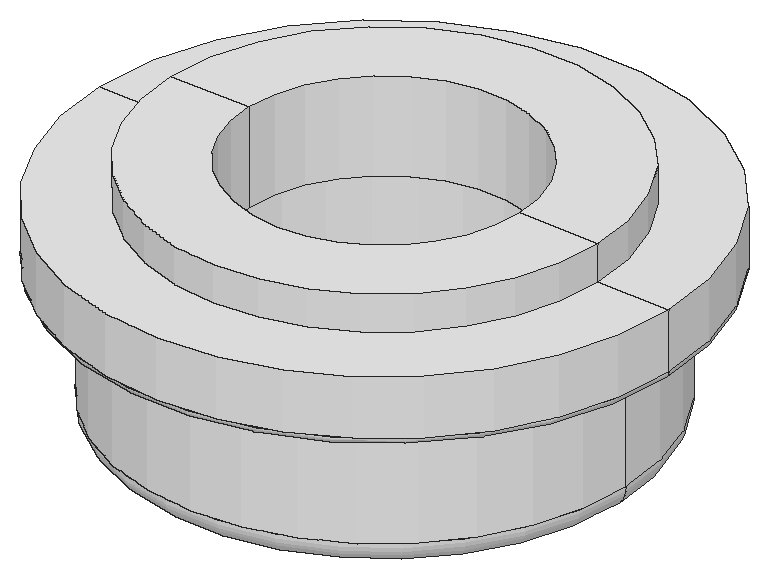
Revit family "Adapter_RAVL_014G0250_RFA", category Pipe Accessories, Revit 2017
Family settings
  Round Connector Dimension = Use Diameter
  Part Type = Normal
  Work Plane-Based = No
  Always vertical = Yes
  Cut with Voids When Loaded = No
  Shared = No
Parameters (values of type "Adapter_RAVL_014G0250")
  Model = "014G0250"
  Manufacturer = "Danfoss"  # constant formula
  H2 = 4.4 mm
  H1 = 9.4 mm
  H = 16.2 mm
  Description = "Adapter_RAVL"
  D = 40 mm
Reference planes
  plane 1 "Center (Front/Back)": y = 0
  plane 2: z = 0
  plane 3 "Center (Left/Right)": x = 0
  plane 4: z = 16.2
  plane 5: z = 9.4
  plane 6: x = 20
  plane 7: x = -20
  plane 8: z = 19.7
  plane 9: z = 13.8
Forms (mm)
  Revolve 1, solid, material "Plastic - Danfoss - White"
    sketch origin (0, 0, 0) x (1, 0, 0) y (0, 0, 1)
      loop
        arc (-17, 1.6) -> (-16.531, 0.469) -> (-15.4, 0) r 1.6
        line (-15.4, 0) -> (0, 0) -> (0, 16.2) -> (-15, 16.2) -> (-15, 13.8) -> (-20, 13.8) -> (-20, 9.9)
        arc (-20, 9.9) -> (-19.854, 9.546) -> (-19.5, 9.4) r 0.5
        line (-19.5, 9.4) -> (-17, 9.4) -> (-17, 1.6)
      axis (0, 16.2) -> (0, 0)
    angle from 0 to 360
  Revolve 2, void
    sketch origin (0, 0, 0) x (1, 0, 0) y (0, 0, 1)
      loop
        line (-12.2, 0) -> (0, 0) -> (0, 16.2) -> (-9.5, 16.2) -> (-9.5, 9.9) -> (-12.2, 9.9) -> (-12.2, 0)
      axis (0, 16.2) -> (0, 0)
    angle from 0 to 360
Cuts and joins
  Revolve 2 cuts Revolve 1
Dimensions and locks
  equal spacing: plane 6, plane 3 "Center (Left/Right)", plane 7
  "D": plane 6 to plane 7
  "H": plane 4 to level
  "H1": plane 5 to level
  plane 3 "Center (Left/Right)" to Revolve 1 sketch curve = 17 mm
  Revolve 1 sketch curve to Revolve 1 sketch curve = 15 mm
  "H2": plane 9 to plane 5
  plane 3 "Center (Left/Right)" to Revolve 2 sketch curve = 12.2 mm
  cut or joined group of Revolve 1, Revolve 2 to level = 9.9 mm
  plane 3 "Center (Left/Right)" to Revolve 2 sketch curve = 9.5 mm
  radius of Revolve 1 sketch curve = 0.5 mm
  radius of Revolve 1 sketch curve = 1.6 mm
  aligned and locked: level to plane 2
  aligned and locked: Revolve 1 sketch curve to plane 7
  aligned and locked: Revolve 1 sketch curve to plane 9
  aligned and locked: Revolve 1 sketch curve to level
  aligned and locked: Revolve 1 sketch curve to plane 5
  aligned and locked: Revolve 1 sketch curve to plane 4
  aligned and locked: Revolve 1 sketch curve to plane 3 "Center (Left/Right)"
  aligned and locked: Revolve 2 sketch curve to level
  aligned and locked: Revolve 2 sketch curve to plane 4
  aligned and locked: Revolve 2 sketch curve to plane 3 "Center (Left/Right)"
Automatic sketch dimensions
  Revolve 1 sketch curve to plane 3 "Center (Left/Right)" = 0 mm
  Revolve 1 sketch curve to level = 0 mm
  Revolve 1 sketch curve to plane 4 = 0 mm
  Revolve 2 sketch curve to plane 3 "Center (Left/Right)" = 0 mm
  Revolve 2 sketch curve to level = 0 mm
  Revolve 2 sketch curve to plane 4 = 0 mm
  Revolve 2 sketch curve to plane 8 = 9.8 mm
